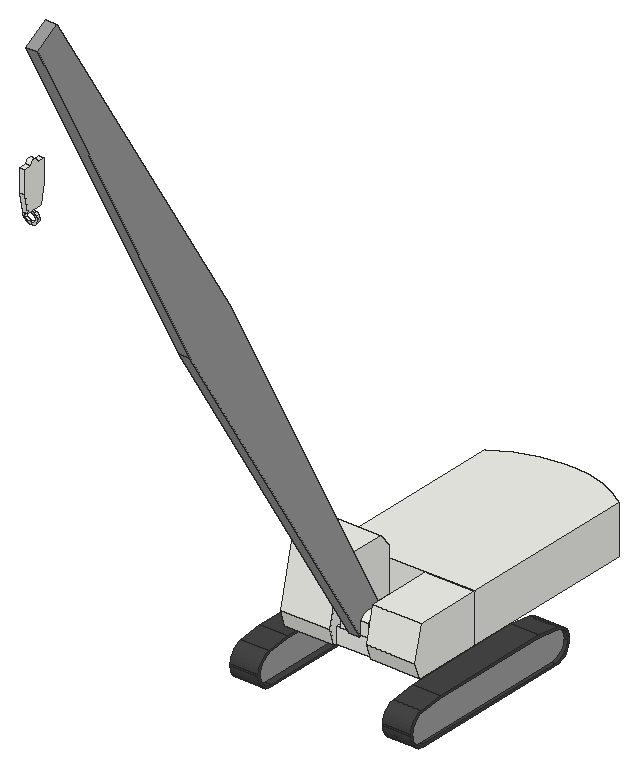
Revit family
Parameters (values of type "60도에서 22000mm")
  붐 각도 = 60.00°
  붐 절반 = 붐 길이 / 2  # 11000 mm
  붐 길이 = 22000 mm
  택시 폭 = 3650 mm
  작업대 두께 = 5500 mm
  후크 = 90.00° - 붐 각도  # 30.00°
  회전 반지름 = 작업대 두께 + 305.001 mm  # 5805.001 mm
  폭 = 4900 mm
Types (3, lengths in mm): name | 붐 각도 | 붐 절반 | 붐 길이 | 택시 폭 | 작업대 두께 | 후크 | 회전 반지름 | 폭
  (no name) | 60.00° | 11000 | 22000 | 3650 | 5500 | 30.00° | 5805.001 | 4900
  60도에서 22000mm | 60.00° | 11000 | 22000 | 3650 | 5500 | 30.00° | 5805.001 | 4900
  45도에서 20000mm | 45.00° | 10000 | 20000 | 3050 | 4250 | 45.00° | 4555.001 | 4100
Reference planes
  plane 1 "중심(앞/뒤)": x = -5679.121
  plane 2: z = 0.069
  plane 3 "중심(왼쪽/오른쪽)": y = -5594.838
  plane 4: y = -219.838
  plane 5: x = -7504.121
  plane 6: x = -3854.121
  plane 7: x = -8129.121
  plane 8: x = -3229.121
  plane 9: x = -7367.121
  plane 10: x = -3991.121
  plane 11: z = 985.069
  plane 12: z = 855.277
  plane 13: z = 1155.069
  plane 14: z = 2455.069
  plane 15: z = 3110.069
  plane 16: y = -2907.338
  plane 17: y = -4662.338
  plane 18: y = 2857.671
  plane 19: x = -6480.121
  plane 20: x = -4878.121
  plane 21: z = 855.277
  plane 22: y = -15660.56
  plane 23: y = -2642.329
  plane 24: x = -5831.521
  plane 25: x = -5526.721
  plane 26: y = 2248.071
Forms (mm)
  Extrusion 1, solid, material "플라스틱 - 검은색"
    sketch origin (-5679.121, 0, 0) x (0, -1, 0) y (0, 0, 1)
      loop
        arc (5163.038, 0) -> (5468.367, 126.471) -> (5594.838, 431.8) r 431.8
        line (5594.838, 431.8) -> (5594.838, 475.104)
        arc (5594.838, 475.104) -> (5487.126, 760.443) -> (5217.727, 903.426) r 431.8
        line (5217.727, 903.426) -> (4578.838, 985.069) -> (1235.838, 985.069) -> (596.95, 903.426)
        arc (596.95, 903.426) -> (327.551, 760.443) -> (219.838, 475.104) r 431.8
        line (219.838, 475.104) -> (219.838, 431.8)
        arc (219.838, 431.8) -> (346.31, 126.471) -> (651.638, 0) r 431.8
        line (651.638, 0) -> (5163.038, 0)
      loop
        line (1239.068, 934.269) -> (625.312, 856.07)
        arc (625.312, 856.07) -> (373.237, 722.957) -> (270.77, 456.947) r 406.08
        arc (270.77, 456.947) -> (389.669, 169.899) -> (676.716, 51) r 405.946
        line (676.716, 51) -> (5143.937, 51)
        arc (5143.937, 51) -> (5427.276, 168.363) -> (5544.639, 451.702) r 400.702
        arc (5544.639, 451.702) -> (5443.087, 720.661) -> (5189.116, 855.385) r 406.944
        line (5189.116, 855.385) -> (4575.608, 934.269) -> (1239.068, 934.269)
    from 1688 to 2450
  Extrusion 2, solid, material "금속 - 페인트 마감 - 흰색, 무광"
    sketch origin (-7182.762, 8556.749, 2455) x (0, 0, -1) y (0, -1, 0)
      loop
        line (-0.069, 11199.078) -> (1299.931, 11199.078) -> (1299.931, 13065.892) -> (870.87, 13219.088) -> (-655.069, 12835.688) -> (-655.069, 11464.088) -> (-304.869, 11199.078) -> (-0.069, 11199.078)
    from -1003.64 to 321.36
  Extrusion 3, solid, material "금속 - 페인트 마감 - 흰색, 무광"
    sketch origin (-4182.762, -2642.329, 2455) x (0, 0, -1) y (0, 1, 0)
      loop
        line (-0.069, 0) -> (-0.069, -1801.182) -> (870.87, -2020.01) -> (1299.931, -1866.814) -> (1299.931, 0) -> (-0.069, 0)
    from -996.36 to 328.64
  Extrusion 4, solid, material "금속 - 페인트 마감 - 흰색, 무광"
    sketch origin (0, 0, 0) x (1, 0, 0) y (0, 1, 0)
      loop
        line (-6179.121, -2642.329) -> (-6179.121, -4433.738) -> (-5179.121, -4433.738) -> (-5179.121, -2642.329) -> (-6179.121, -2642.329)
    from 1155 to 1589.138
  Extrusion 5, solid, material "금속 - 페인트 마감 - 흰색, 무광"
    sketch origin (-6179.121, -2794.729, 1589.138) x (0, 0, -1) y (0, -1, 0)
      loop
        line (-0.069, 1060.859) -> (-0.069, 1640.768) -> (-355.669, 1640.768)
        arc (-355.669, 1640.768) -> (-508.745, 1350.813) -> (-355.669, 1060.859) r 351.153
        line (-355.669, 1060.859) -> (-0.069, 1060.859)
    from -878.135 to -123.031
  Extrusion 6, solid, material "금속 - 스틸"
    sketch origin (-8129.121, 0, 0) x (0, -1, 0) y (0, 0, 1)
      loop
        line (1239.068, 934.269) -> (625.312, 856.139)
        arc (625.312, 856.139) -> (373.214, 723) -> (270.77, 456.947) r 406.079
        arc (270.77, 456.947) -> (389.669, 169.899) -> (676.716, 51) r 405.946
        line (676.716, 51) -> (5143.901, 51)
        arc (5143.901, 51) -> (5427.265, 168.374) -> (5544.639, 451.739) r 400.738
        arc (5544.639, 451.739) -> (5443.089, 720.71) -> (5189.116, 855.454) r 406.981
        line (5189.116, 855.454) -> (4575.608, 934.269) -> (1239.068, 934.269)
    from -576.36 to -111.72
  Extrusion 7, solid, material "플라스틱 - 검은색"
    sketch origin (-5679.121, 0, 0) x (0, -1, 0) y (0, 0, -1)
      loop
        line (5163.038, 0) -> (651.638, 0)
        arc (651.638, 0) -> (346.31, -126.471) -> (219.838, -431.8) r 431.8
        line (219.838, -431.8) -> (219.838, -475.104)
        arc (219.838, -475.104) -> (327.551, -760.443) -> (596.95, -903.426) r 431.8
        line (596.95, -903.426) -> (1235.838, -985.069) -> (4578.838, -985.069) -> (5217.727, -903.426)
        arc (5217.727, -903.426) -> (5487.126, -760.443) -> (5594.838, -475.104) r 431.8
        line (5594.838, -475.104) -> (5594.838, -431.8)
        arc (5594.838, -431.8) -> (5468.367, -126.471) -> (5163.038, 0) r 431.8
      loop
        line (1239.068, -934.269) -> (4575.608, -934.269) -> (5189.116, -855.385)
        arc (5189.116, -855.385) -> (5443.087, -720.661) -> (5544.639, -451.702) r 406.944
        arc (5544.639, -451.702) -> (5427.276, -168.363) -> (5143.937, -51) r 400.702
        line (5143.937, -51) -> (676.716, -51)
        arc (676.716, -51) -> (389.669, -169.899) -> (270.77, -456.947) r 405.946
        arc (270.77, -456.947) -> (373.237, -722.957) -> (625.312, -856.07) r 406.08
        line (625.312, -856.07) -> (1239.068, -934.269)
    from 1688 to 2450
  Extrusion 8, solid, material "금속 - 스틸"
    sketch origin (-3229.121, 0, 0) x (0, -1, 0) y (0, 0, -1)
      loop
        line (1239.068, -934.269) -> (4575.608, -934.269) -> (5189.116, -855.454)
        arc (5189.116, -855.454) -> (5443.11, -720.704) -> (5544.639, -451.702) r 406.944
        arc (5544.639, -451.702) -> (5427.276, -168.363) -> (5143.937, -51) r 400.702
        line (5143.937, -51) -> (676.716, -51)
        arc (676.716, -51) -> (389.669, -169.899) -> (270.77, -456.947) r 405.946
        arc (270.77, -456.947) -> (373.214, -723) -> (625.312, -856.139) r 406.079
        line (625.312, -856.139) -> (1239.068, -934.269)
    from -576.36 to -111.72
  Extrusion 9, solid, material "금속 - 페인트 마감 - 흰색, 무광"
    sketch origin (-5844.145, -5321.37, -4455.207) x (0, 0, -1) y (0, -1, 0)
      loop
        line (-22280.795, 9746.581) -> (-21671.195, 9746.581) -> (-21170.913, 9834.795) -> (-21170.913, 10293.368) -> (-21671.195, 10392.578) -> (-22280.795, 10392.578) -> (-22280.795, 10176.678)
        arc (-22280.795, 10176.678) -> (-22387.894, 10069.58) -> (-22280.795, 9962.481) r 107.098
        line (-22280.795, 9962.481) -> (-22280.795, 9746.581)
    from -233.519 to -100.409
  Extrusion 10, solid, material "금속 - 페인트 마감 - 흰색, 무광"
    sketch origin (-5743.736, -15614.738, 16715.706) x (1, 0, 0) y (0, -0.194521, 0.980898)
      loop
        circle (64.615, -203.2) r 203.2
      loop
        circle (64.615, -203.2) r 152.4
    from -198.532 to -135.533
  Extrusion 11, solid, material "금속 - 스틸"
    sketch origin (-5679.121, 0, 0) x (0, -1, 0) y (0, 0, 1)
      loop
        line (14731.038, 20949.788) -> (8901.083, 11614.009) -> (3709.041, 1909.93) -> (4412.947, 1503.53) -> (10220.905, 10852.009) -> (15390.95, 20568.788) -> (14731.038, 20949.788)
    from -152.4 to 152.4
  Extrusion 12, solid, material "금속 - 페인트 마감 - 흰색, 무광"
    sketch origin (0, 0, 0) x (1, 0, 0) y (0, 1, 0)
      loop
        line (-3854.121, -2642.329) -> (-3854.121, 2248.071)
        arc (-3854.121, 2248.071) -> (-4642.108, 2685.431) -> (-5526.721, 2857.671) r 2878.337
        line (-5526.721, 2857.671) -> (-5831.521, 2857.671)
        arc (-5831.521, 2857.671) -> (-6713.182, 2677.329) -> (-7504.121, 2248.071) r 3056.806
        line (-7504.121, 2248.071) -> (-7504.121, -2642.329) -> (-3854.121, -2642.329)
    from 1155 to 2455.069
Lines and regions (mm)
  Split face 1
    outline origin (-7504.121, -4662.338, 1584.13) x (1, 0, 0) y (0, 0.243681, 0.969855)
      loop
        line (98.634, 1483.76) -> (98.634, 112.16) -> (1232.793, 112.16) -> (1232.793, 1483.76) -> (98.634, 1483.76)
  Split face 2
    outline origin (-7504.121, 8556.749, 2455) x (0, 0, -1) y (0, -1, 0)
      loop
        line (-565.748, 11815.273) -> (100.643, 11682.402) -> (635.896, 12609.488) -> (730.472, 12609.488) -> (730.472, 13111.421) -> (-565.748, 12771.318) -> (-565.748, 11815.273)
  Split face 3
    outline origin (-7504.121, 2248.071, 2455.069) x (0, 0, -1) y (0, -1, 0)
      loop
        line (1186.801, 4838.631) -> (1034.401, 4838.631) -> (1034.401, 227.631) -> (1186.801, 227.631) -> (1186.801, 4838.631)
  Split face 4
    outline origin (-7504.121, 2248.071, 2455.069) x (0, 0, -1) y (0, -1, 0)
      loop
        line (953.166, 4838.631) -> (902.366, 4838.631) -> (902.366, 227.631) -> (953.166, 227.631) -> (953.166, 4838.631)
  Split face 5
    outline origin (-3854.121, -2642.329, 2455.069) x (0, 0, -1) y (0, 1, 0)
      loop
        line (1034.401, 51.769) -> (1186.801, 51.769) -> (1186.801, 4662.769) -> (1034.401, 4662.769) -> (1034.401, 51.769)
  Split face 6
    outline origin (-3854.121, -2642.329, 2455.069) x (0, 0, -1) y (0, 1, 0)
      loop
        line (902.366, 4662.769) -> (902.366, 51.769) -> (953.166, 51.769) -> (953.166, 4662.769) -> (902.366, 4662.769)
  Split face 7
    outline origin (-6179.121, 8556.749, 2455) x (0, 0, -1) y (0, -1, 0)
      loop
        line (-565.748, 12771.318) -> (-565.748, 11815.273) -> (100.643, 11682.402) -> (341.943, 12100.346) -> (341.943, 13009.479) -> (-565.748, 12771.318)
  model lines, style "InvisibleLines"
    curve 1: line (-5679.121, -4060.994, 1706.73) -> (-5679.121, -15060.994, 20759.288)
    curve 2: line (-5679.121, -14731.038, 20949.788) -> (-5679.121, -15390.95, 20568.788)
    curve 3: line (-5679.121, -4412.947, 1503.53) -> (-5679.121, -3709.041, 1909.93)
    curve 4: line (-5679.121, -8901.083, 11614.009) -> (-5679.121, -10220.905, 10852.009)
    curve 5: line (-5679.121, -14731.038, 20949.788) -> (-5679.121, -8901.083, 11614.009)
    curve 6: line (-5679.121, -15390.95, 20568.788) -> (-5679.121, -10220.905, 10852.009)
    curve 7: line (-5679.121, -10220.905, 10852.009) -> (-5679.121, -4412.947, 1503.53)
    curve 8: line (-5679.121, -3709.041, 1909.93) -> (-5679.121, -8901.083, 11614.009)
  symbolic lines, style "회전 반지름"
    curve 9: arc (125.879, -2907.338, 0) -> (-5679.121, 2897.662, 0) -> (-11484.122, -2907.338, 0) r 5805.001
    curve 10: arc (-11484.122, -2907.338, 0) -> (-5679.121, -8712.339, 0) -> (125.879, -2907.338, 0) r 5805.001
    curve 14: arc (-5679.121, -15390.95, 0) -> (6804.49, -2907.338, 0) -> (-5679.121, 9576.273, 0) r 12483.611
    curve 15: arc (-5679.121, -15390.95, 0) -> (-18162.733, -2907.338, 0) -> (-5679.121, 9576.273, 0) r 12483.611
  model lines, style "물류"
    curve 11: line (-5679.121, -15390.95, 20568.788) -> (-5679.121, -15390.95, 17825.588)
    curve 12: line (-5679.121, -15390.95, 17825.588) -> (-5679.121, -15746.55, 17825.588)
    curve 13: line (-5679.121, -15390.95, 17825.588) -> (-4946.321, -15390.95, 17825.588)
  symbolic lines, style "물류"
    curve 16: line (-5831.521, -3773.626, 0) -> (-5831.521, -15390.95, 0)
    curve 17: line (-5526.721, -15390.95, 0) -> (-5526.721, -3773.626, 0)
    curve 18: line (-5831.521, -3773.626, 0) -> (-5526.721, -3773.626, 0)
    curve 19: line (-5831.521, -15390.95, 0) -> (-5526.721, -15390.95, 0)
Dimensions and locks
  plane 4 to plane 3 "중심(왼쪽/오른쪽)" = 5375 mm
  equal spacing: plane 7, plane 1 "중심(앞/뒤)", plane 8
  "폭": plane 7 to plane 8
  plane 7 to plane 9 = 762 mm
  plane 10 to plane 8 = 762 mm
  locked: plane 11 to plane 2 at 985
  locked: plane 13 to plane 2 at 1155
  locked: plane 13 to plane 14 at 1300
  locked: plane 15 to plane 2 at 3110
  equal spacing: plane 4, plane 16, plane 3 "중심(왼쪽/오른쪽)"
  equal spacing: plane 19, plane 1 "중심(앞/뒤)", plane 20
  locked: plane 23 to plane 16 at 265.01
  "작업대 두께": plane 18 to plane 23
  locked: plane 16 to curve 1 at 1153.656
  locked: curve 1 to plane 2 at 1706.661
  "붐 길이": curve 1 to curve 2
  equal spacing: curve 2, curve 1, curve 2
  locked: curve 2 to curve 2 at 762
  equal spacing: curve 3, curve 1, curve 3
  locked: curve 3 to curve 3 at 812.8
  "붐 절반": curve 4 to curve 2
  equal spacing: curve 4, curve 1, curve 4
  locked: curve 4 to curve 4 at 1524
  plane 24 to plane 1 "중심(앞/뒤)" to plane 25 = 152.4 mm locked, 152.4 mm locked
  "택시 폭": plane 5 to plane 6
  locked: plane 5 to plane 19 at 1024
  locked: plane 20 to plane 6 at 1024
  locked: plane 26 to plane 18 at 609.6
  locked: curve 12 to curve 11 at 2743.2
  equal spacing: Extrusion 9 sketch curve, curve 11, Extrusion 9 sketch curve
  locked: Extrusion 9 sketch curve to Extrusion 9 sketch curve at 645.997
  locked: curve 12 to Extrusion 9 sketch curve at 0
  locked: Extrusion 9 sketch curve to curve 12 at 1109.882
  Extrusion 9 sketch curve to curve 11 to Extrusion 9 sketch curve = 234.785 mm locked, 223.788 mm locked
  "회전 반지름": radius of curve 9
  radius of Extrusion 9 sketch curve = 107.098 mm
  "붐 각도": angle plane 2 to curve 1
  locked: curve 1 to curve 3 (angle 90.00°)
  "후크": angle curve 1 to curve 11
  aligned and locked: plane 5 to Extrusion 2
  aligned and locked: Extrusion 3 to plane 6
  aligned and locked: Extrusion 2 to Extrusion 4 sketch curve
  aligned and locked: Extrusion 4 sketch curve to Extrusion 2
  aligned and locked: Extrusion 3 to Extrusion 4 sketch curve
  aligned and locked: Extrusion 11 sketch curve to curve 5
  aligned and locked: Extrusion 11 sketch curve to curve 2
  aligned and locked: Extrusion 11 sketch curve to curve 6
  aligned and locked: Extrusion 11 sketch curve to curve 7
  aligned and locked: Extrusion 11 sketch curve to curve 3
  aligned and locked: Extrusion 11 sketch curve to curve 8
  aligned and locked: Extrusion 11 to plane 25
  aligned and locked: Extrusion 11 to plane 24
  aligned and locked: Extrusion 1 to plane 7
  aligned and locked: Extrusion 1 to plane 9
  aligned and locked: Extrusion 7 to plane 10
  aligned and locked: plane 8 to Extrusion 7
  aligned and locked: Extrusion 12 sketch curve to Extrusion 3
  aligned and locked: Extrusion 3 to Extrusion 12 sketch curve
  aligned and locked: Extrusion 12 sketch curve to plane 5
  aligned and locked: Extrusion 12 sketch curve to plane 26  (x2)
  aligned and locked: Extrusion 12 to plane 14
  aligned and locked: curve 13 to Extrusion 11
  aligned and locked: Extrusion 11 to curve 16
  aligned and locked: curve 17 to Extrusion 11
Automatic sketch dimensions
  Extrusion 3 sketch curve to plane 14 = 0 mm
  Extrusion 3 sketch curve to plane 17 = 0 mm
  Extrusion 3 sketch curve to plane 13 = 0 mm
  Extrusion 3 sketch curve to plane 17 = 153.195 mm
  Extrusion 3 sketch curve to plane 16 = 265.01 mm
  plane 13 to Extrusion 3 sketch curve = 429.061 mm
  Extrusion 4 sketch curve to plane 17 = 228.6 mm
  Extrusion 5 sketch curve to plane 17 = 226.842 mm
  plane 14 to Extrusion 5 sketch curve = 510.262 mm
  Extrusion 5 sketch curve to Extrusion 5 sketch curve = 198.077 mm  (x2)
  Extrusion 1 sketch curve to plane 4 = 0 mm
  Extrusion 1 sketch curve to level = 0 mm
  Extrusion 1 sketch curve to plane 11 = 0 mm
  Extrusion 1 sketch curve to plane 3 "중심(왼쪽/오른쪽)" = 0 mm
  plane 4 to Extrusion 1 sketch curve = 50.932 mm
  Extrusion 1 sketch curve to plane 12 = 48.15 mm  (x2)
  plane 4 to Extrusion 1 sketch curve = 377.112 mm
  Extrusion 1 sketch curve to plane 12 = 0.793 mm
  Extrusion 1 sketch curve to Extrusion 1 sketch curve = 28.362 mm
  Extrusion 1 sketch curve to Extrusion 1 sketch curve = 0 mm
  Extrusion 1 sketch curve to Extrusion 1 sketch curve = 25.078 mm
  Extrusion 1 sketch curve to Extrusion 1 sketch curve = 0.117 mm
  Extrusion 1 sketch curve to Extrusion 1 sketch curve = 610.526 mm
  Extrusion 1 sketch curve to Extrusion 1 sketch curve = 3.23 mm  (x2)
  Extrusion 1 sketch curve to plane 17 = 86.73 mm
  Extrusion 1 sketch curve to Extrusion 1 sketch curve = 6.243 mm
  Extrusion 1 sketch curve to Extrusion 1 sketch curve = 19.101 mm  (x2)
  Extrusion 1 sketch curve to plane 12 = 0.108 mm
  Extrusion 1 sketch curve to Extrusion 1 sketch curve = 26.078 mm
  Extrusion 1 sketch curve to Extrusion 1 sketch curve = 28.611 mm
  level to Extrusion 1 sketch curve = 51 mm
  Extrusion 1 sketch curve to Extrusion 1 sketch curve = 3.675 mm
  Extrusion 1 sketch curve to plane 11 = 50.8 mm
  Extrusion 1 sketch curve to plane 3 "중심(왼쪽/오른쪽)" = 50.2 mm
  plane 4 to Extrusion 6 sketch curve = 50.932 mm
  Extrusion 6 sketch curve to plane 11 = 128.93 mm
  plane 4 to Extrusion 6 sketch curve = 405.474 mm
  Extrusion 6 sketch curve to Extrusion 6 sketch curve = 51.404 mm
  Extrusion 6 sketch curve to Extrusion 6 sketch curve = 0.117 mm
  Extrusion 6 sketch curve to plane 11 = 50.8 mm
  Extrusion 6 sketch curve to Extrusion 6 sketch curve = 613.756 mm
  Extrusion 6 sketch curve to plane 17 = 86.73 mm
  level to Extrusion 6 sketch curve = 51 mm
  Extrusion 6 sketch curve to Extrusion 6 sketch curve = 6.243 mm
  Extrusion 6 sketch curve to plane 11 = 129.615 mm
  Extrusion 6 sketch curve to plane 3 "중심(왼쪽/오른쪽)" = 405.722 mm
  Extrusion 6 sketch curve to plane 3 "중심(왼쪽/오른쪽)" = 50.2 mm
  Extrusion 6 sketch curve to Extrusion 6 sketch curve = 0 mm
  Extrusion 7 sketch curve to plane 4 = 0 mm
  Extrusion 7 sketch curve to level = 0 mm
  Extrusion 7 sketch curve to plane 11 = 0 mm
  Extrusion 7 sketch curve to plane 3 "중심(왼쪽/오른쪽)" = 0 mm
  plane 4 to Extrusion 7 sketch curve = 50.932 mm
  Extrusion 7 sketch curve to plane 21 = 48.15 mm  (x2)
  plane 4 to Extrusion 7 sketch curve = 377.112 mm
  Extrusion 7 sketch curve to plane 21 = 0.793 mm
  Extrusion 7 sketch curve to Extrusion 7 sketch curve = 28.362 mm
  plane 4 to Extrusion 7 sketch curve = 431.8 mm
  Extrusion 7 sketch curve to Extrusion 7 sketch curve = 0 mm
  Extrusion 7 sketch curve to Extrusion 7 sketch curve = 25.078 mm
  Extrusion 7 sketch curve to Extrusion 7 sketch curve = 0.117 mm
  Extrusion 7 sketch curve to Extrusion 7 sketch curve = 610.526 mm
  Extrusion 7 sketch curve to plane 11 = 50.8 mm
  Extrusion 7 sketch curve to Extrusion 7 sketch curve = 3.23 mm  (x2)
  Extrusion 7 sketch curve to plane 17 = 86.73 mm
  Extrusion 7 sketch curve to plane 3 "중심(왼쪽/오른쪽)" = 457.144 mm
  level to Extrusion 7 sketch curve = 51 mm
  Extrusion 7 sketch curve to Extrusion 7 sketch curve = 6.243 mm
  Extrusion 7 sketch curve to Extrusion 7 sketch curve = 19.101 mm  (x2)
  Extrusion 7 sketch curve to plane 21 = 0.108 mm
  Extrusion 7 sketch curve to Extrusion 7 sketch curve = 26.078 mm
  Extrusion 7 sketch curve to Extrusion 7 sketch curve = 28.611 mm
  Extrusion 7 sketch curve to plane 3 "중심(왼쪽/오른쪽)" = 50.2 mm
  plane 4 to Extrusion 8 sketch curve = 50.932 mm
  Extrusion 8 sketch curve to plane 11 = 128.93 mm
  plane 4 to Extrusion 8 sketch curve = 405.474 mm
  Extrusion 8 sketch curve to Extrusion 8 sketch curve = 51.404 mm
  Extrusion 8 sketch curve to Extrusion 8 sketch curve = 0.117 mm
  Extrusion 8 sketch curve to plane 11 = 50.8 mm
  Extrusion 8 sketch curve to Extrusion 8 sketch curve = 613.756 mm
  Extrusion 8 sketch curve to plane 17 = 86.73 mm
  Extrusion 8 sketch curve to plane 3 "중심(왼쪽/오른쪽)" = 457.144 mm
  level to Extrusion 8 sketch curve = 51 mm
  Extrusion 8 sketch curve to Extrusion 8 sketch curve = 6.243 mm
  Extrusion 8 sketch curve to plane 11 = 129.615 mm
  Extrusion 8 sketch curve to plane 3 "중심(왼쪽/오른쪽)" = 405.722 mm
  Extrusion 8 sketch curve to plane 3 "중심(왼쪽/오른쪽)" = 50.2 mm
  Split face 1 sketch curve to Extrusion 2 = 98.634 mm
  Extrusion 2 to Split face 1 sketch curve = 92.207 mm
  Extrusion 2 to Split face 1 sketch curve = 112.16 mm
  Split face 1 sketch curve to Extrusion 2 = 89.607 mm
  Extrusion 9 sketch curve to Extrusion 9 sketch curve = 500.282 mm
  Extrusion 10 sketch curve to plane 1 "중심(앞/뒤)" = 0 mm  (x2)
  plane 1 "중심(앞/뒤)" to Extrusion 10 sketch curve = 152.4 mm
  Extrusion 10 sketch curve to Extrusion 10 sketch curve = 50.8 mm
  Extrusion 10 sketch curve to Extrusion 10 sketch curve = 0 mm
  Extrusion 3 sketch curve to plane 17 = 218.828 mm
  Extrusion 5 sketch curve to Extrusion 5 sketch curve = 157.523 mm
  Extrusion 5 sketch curve to Extrusion 5 sketch curve = 289.955 mm
  Extrusion 9 sketch curve to Extrusion 9 sketch curve = 609.6 mm
  plane 15 to Extrusion 2 sketch curve = 0 mm
  plane 14 to Extrusion 2 sketch curve = 0 mm
  Extrusion 2 sketch curve to plane 13 = 0 mm
  Extrusion 2 sketch curve to Extrusion 2 sketch curve = 304.8 mm
  plane 13 to Extrusion 2 sketch curve = 429.061 mm
  Extrusion 2 sketch curve to plane 3 "중심(왼쪽/오른쪽)" = 2952.51 mm
  Extrusion 2 sketch curve to Extrusion 2 sketch curve = 265.01 mm
  Extrusion 2 sketch curve to Extrusion 2 sketch curve = 1371.6 mm
  Extrusion 2 sketch curve to Extrusion 2 sketch curve = 1866.814 mm
  Extrusion 2 sketch curve to Extrusion 2 sketch curve = 153.195 mm
  Extrusion 12 sketch curve to plane 18 = 0 mm
  Extrusion 12 sketch curve to plane 24 = 0 mm
  Extrusion 12 sketch curve to plane 25 = 0 mm
  Extrusion 12 sketch curve to plane 1 "중심(앞/뒤)" = 12.677 mm
  Extrusion 12 sketch curve to plane 1 "중심(앞/뒤)" = 51.389 mm
  Split face 2 sketch curve to Extrusion 2 = 89.321 mm
  Extrusion 2 to Split face 2 sketch curve = 100.712 mm
  Split face 2 sketch curve to Extrusion 2 = 234.974 mm
  Split face 2 sketch curve to Extrusion 2 = 70.208 mm
  Split face 2 sketch curve to Extrusion 2 = 148.607 mm
  Split face 2 sketch curve to Extrusion 2 = 84.195 mm
  Split face 2 sketch curve to Extrusion 2 = 533.965 mm
  Split face 2 sketch curve to Extrusion 2 = 333.939 mm
  Split face 2 sketch curve to Extrusion 2 = 483.324 mm
  Split face 3 sketch curve to Extrusion 12 = 51.769 mm
  Extrusion 12 to Split face 3 sketch curve = 265.668 mm
  Extrusion 12 to Split face 3 sketch curve = 113.268 mm
  Extrusion 12 to Split face 3 sketch curve = 227.631 mm
  Split face 4 sketch curve to Extrusion 12 = 51.769 mm
  Extrusion 12 to Split face 4 sketch curve = 397.702 mm
  Split face 4 sketch curve to Split face 4 sketch curve = 50.8 mm
  Extrusion 12 to Split face 4 sketch curve = 227.631 mm
  Split face 5 sketch curve to Extrusion 12 = 265.668 mm
  Split face 5 sketch curve to Extrusion 12 = 51.769 mm
  Split face 5 sketch curve to Extrusion 12 = 113.268 mm
  Split face 5 sketch curve to Extrusion 12 = 227.631 mm
  Split face 6 sketch curve to Extrusion 12 = 51.769 mm
  Split face 6 sketch curve to Extrusion 12 = 397.702 mm
  Split face 6 sketch curve to Split face 6 sketch curve = 50.8 mm
  Split face 6 sketch curve to Extrusion 12 = 227.631 mm
  Split face 7 sketch curve to Extrusion 2 = 89.321 mm
  Extrusion 2 to Split face 7 sketch curve = 100.712 mm
  Split face 7 sketch curve to Extrusion 2 = 74.401 mm
  Split face 7 sketch curve to Extrusion 2 = 375.259 mm
  Split face 7 sketch curve to Extrusion 2 = 84.195 mm
  Split face 7 sketch curve to Extrusion 2 = 901.268 mm
  Split face 7 sketch curve to Extrusion 2 = 333.939 mm
  Split face 7 sketch curve to Split face 7 sketch curve = 417.944 mm
  curve 11 to curve 12 = 355.6 mm
  Extrusion 9 sketch curve to Extrusion 9 sketch curve = 215.9 mm
  curve 9 to plane 16 = 0 mm
  curve 13 to plane 1 "중심(앞/뒤)" = 0 mm
  curve 14 to plane 1 "중심(앞/뒤)" = 0 mm
  curve 10 to plane 1 "중심(앞/뒤)" = 0 mm
  curve 14 to plane 16 = 0 mm
  curve 13 to plane 20 = 68.2 mm
  curve 19 to curve 13 = 0 mm
  curve 14 to curve 13 = 0 mm
  plane 16 to curve 18 = 866.287 mm
